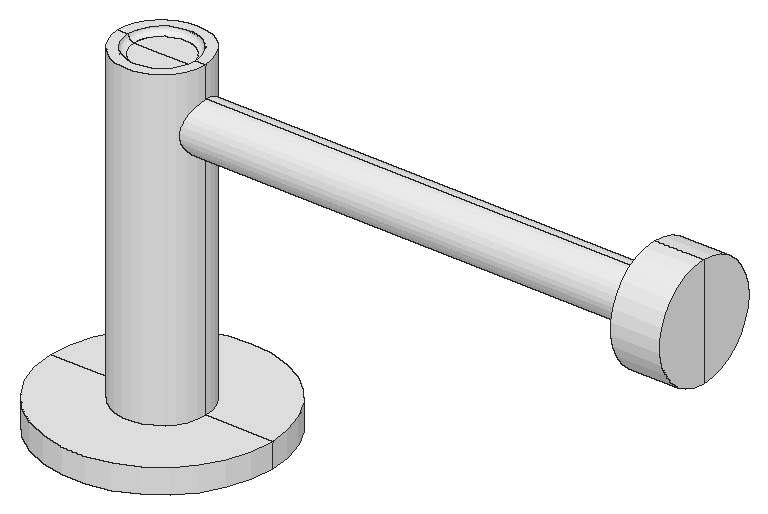
Revit family "Towel_Bar-DXV-Percy-D35105160_Series", category Specialty Equipment, host Face, Revit 2014
Parameters (values of type "D35105160.100")
  Width = 6 5/8"
  Warranty Documentation Link = "https://www.dxv.com/-/media/files/dxv/warranty/dxv_warranty_booklet.ashx"
  URL = "http://www.dxv.com/"
  Type Comments = ""
  Product Page URL = "http://www.dxv.com/product/percy-small-towel-bar-by-dxv"
  Product Documentation Link = "http://dxv.blob.core.windows.net/dxv-product-pdf-files/DXV_D35105160_Percy_sm_towelbar_spec_en.pdf"
  Price = "Prices may vary. Please consult Manufacturer Representative for most up-to-date price list."  # constant formula
  Model = "D35105160.100"
  Material = "Metal-DXV-100-Polished Chrome"
  Body = Metal-DXV-100-Polished Chrome
  Manufacturer = "DVX"
  Length = 3 7/16"
  Installation Type = "Wall Mounted"
  Height = 2 1/4"
  Description = "Percy Small Towel Bar"
  Default Elevation = 40"
  Creation Date = "10/02/2014"  # constant formula
  Assembly Code = "C1030220"
Types (3): name | Product Page URL | Model | Material | Body
  (no name) | "http://www.dxv.com/product/percy-small-towel-bar-by-dxv" | "D35105160.100" | "Metal-DXV-100-Polished Chrome" | Metal-DXV-100-Polished Chrome
  D35105160.144 | "http://www.dxv.com/Product/Percy-Small-Towel-Bar-" | "D35105160.144" | "Metal-DXV-144-Brushed Nickel" | Metal-DXV-144-Brushed Nickel
  D35105160.100 | "http://www.dxv.com/product/percy-small-towel-bar-by-dxv" | "D35105160.100" | "Metal-DXV-100-Polished Chrome" | Metal-DXV-100-Polished Chrome
Reference planes (in)
  plane 1 "Center (Front/Back)": y = 0
  plane 2: z = 0
  plane 3 "Center (Left/Right)": x = 0
  plane 4 "Finished Floor": y = -40
  plane 5: x = 5.5
  plane 6: z = 3.4375
  plane 7: x = -1.125
  plane 8: x = 1.125
  plane 9: y = 1.125
  plane 10: y = -1.125
  plane 11: z = 2.875
  plane 12: z = 2.3125
Forms (in)
  Revolve 1, solid, material "Metal-DXV-100-Polished Chrome" <- "Body"
    sketch origin (0, 0, 1.25) x (0, 0, -1) y (-1, 0, 0)
      loop
        line (1.25, 0) -> (1.25, 1.125) -> (1, 1.125) -> (1, 0.44632) -> (-2.1875, 0.44632) -> (-2.1875, 0.34373)
        arc (-2.1875, 0.34373) -> (-2.14486, 0.32835) -> (-2.12687, 0.28675) r 0.05709
        line (-2.12687, 0.28675) -> (-2.12687, 0) -> (1.25, 0)
      axis (1.25, 0) -> (-2.1875, 0)
    angle from 0 to 360
  Revolve 2, solid, material "Metal-DXV-100-Polished Chrome" <- "Body"
    sketch origin (0, 0, 3.625) x (1, 0, 0) y (0, 0, -1)
      loop
        line (5.5, 0.75) -> (0.15724, 0.75) -> (0.15724, 0.5) -> (5, 0.5) -> (5, 0.1875) -> (5.5, 0.1875) -> (5.5, 0.75)
      axis (0.15724, 0.75) -> (5.5, 0.75)
    angle from 0 to 360
Cuts and joins
  joined: Revolve 1, Revolve 2
Lines and regions (in)
  Masking region 1
    outline origin (0, 0, 0) x (1, 0, 0) y (0, 0, 1)
      loop
        line (0.44632, 3.4375) -> (-0.44632, 3.4375) -> (-0.44632, 0.25) -> (-1.125, 0.25) -> (-1.125, 0) -> (1.125, 0) -> (1.125, 0.25) -> (0.44632, 0.25) -> (0.44632, 2.625) -> (5, 2.625) -> (5, 2.3125) -> (5.5, 2.3125) -> (5.5, 3.4375) -> (5, 3.4375) -> (5, 3.125) -> (0.44632, 3.125) -> (0.44632, 3.4375)
  symbolic lines, detail levels fine
    curve 1: line (0.44632, 0, 3.125) -> (0.44632, 0, 2.625)
  symbolic lines, detail levels medium+fine
    curve 2: line (5, 0, 2.625) -> (5, 0, 3.125)
    curve 3: line (0.44632, 0, 0.25) -> (-0.44632, 0, 0.25)
Dimensions and locks (in)
  "Default Elevation": plane 4 "Finished Floor" to plane 1 "Center (Front/Back)"
  "Length": plane 6 to plane 2
  plane 11 to plane 2 = 2 7/8"
  plane 6 to plane 12 = 1 1/8"
  plane 7 to plane 8 = 2 1/4"
  plane 5 to plane 3 "Center (Left/Right)" = 5 1/2"
  "Width": plane 7 to plane 5
  plane 8 to plane 7 = 2 1/4"
  "Height": plane 9 to plane 10
  aligned and locked: plane 2 to host face
  aligned and locked: level to host face
Automatic sketch dimensions
  host sketch curve to host sketch curve = 96"  (x2)
  Revolve 2 sketch curve to plane 3 "Center (Left/Right)" = 7.90526"
  Revolve 2 sketch curve to Revolve 2 sketch curve = 1"
  plane 3 "Center (Left/Right)" to Revolve 2 sketch curve = 0.15724"
  Revolve 2 sketch curve to Revolve 2 sketch curve = 1/2"
  Revolve 2 sketch curve to Revolve 2 sketch curve = 1/4"
  level to Revolve 2 sketch curve = 2 7/8"  (x2)
  curve 1 to plane 11 = 1/4"
  Masking region 1 sketch curve to plane 6 = 0"  (x2)
  Masking region 1 sketch curve to plane 3 "Center (Left/Right)" = 0.44632"
  plane 3 "Center (Left/Right)" to Masking region 1 sketch curve = 0.44632"  (x2)
  level to Masking region 1 sketch curve = 1/4"
  plane 7 to Masking region 1 sketch curve = 0"
  Masking region 1 sketch curve to level = 0"
  Masking region 1 sketch curve to plane 8 = 0"
  Masking region 1 sketch curve to Masking region 1 sketch curve = 1/4"
  Masking region 1 sketch curve to plane 11 = 1/4"
  Masking region 1 sketch curve to plane 5 = 1/2"  (x2)
  plane 11 to Masking region 1 sketch curve = 1/4"
  Masking region 1 sketch curve to plane 5 = 0"
  Masking region 1 sketch curve to plane 12 = 0"
  Revolve 2 sketch curve to plane 6 = 0"
  Revolve 2 sketch curve to plane 5 = 0"
  Revolve 1 sketch curve to plane 6 = 0"
  Revolve 1 sketch curve to plane 3 "Center (Left/Right)" = 0"  (x2)
  plane 7 to Revolve 1 sketch curve = 0"
  Revolve 1 sketch curve to level = 0"
  Revolve 1 sketch curve to plane 6 = 0.00354"
  Revolve 1 sketch curve to Revolve 1 sketch curve = 0.05709"
  Revolve 1 sketch curve to Revolve 1 sketch curve = 1/4"
  Revolve 1 sketch curve to level = 0.11301"
  Revolve 1 sketch curve to Revolve 1 sketch curve = 0.61206"
  Revolve 1 sketch curve to plane 3 "Center (Left/Right)" = 0.28675"
  Revolve 1 sketch curve to plane 3 "Center (Left/Right)" = 0.44632"
  curve 3 to plane 3 "Center (Left/Right)" = 0.44632"
  plane 3 "Center (Left/Right)" to curve 1 = 0.44632"
  plane 3 "Center (Left/Right)" to curve 3 = 0.44632"
  curve 2 to plane 5 = 1/2"
  curve 2 to plane 11 = 1/4"
  level to curve 3 = 1/4"
  plane 11 to curve 2 = 1/4"
  plane 11 to curve 1 = 1/4"
